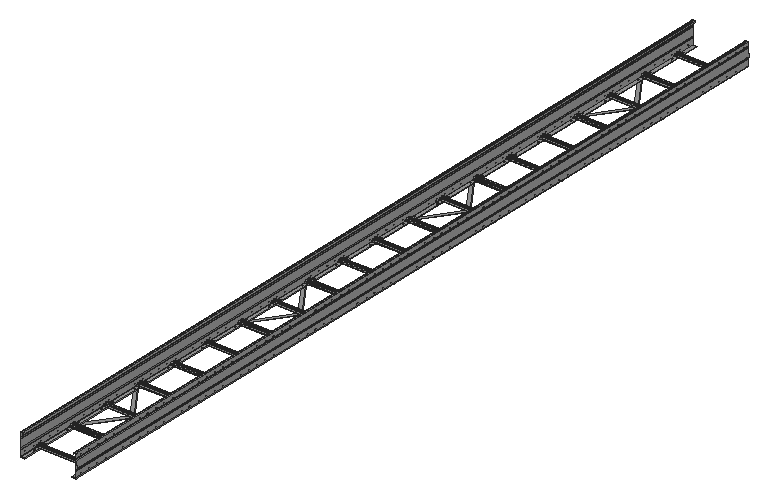
Revit family "WKLG1640", category Generic Models, Revit 2017 (continued)
Forms (mm)
  Extrusion 416, solid, material "Hot-dip galvanised 85 µm" <- "Material"
    sketch origin (0, 1800, 0) x (0, 1, 0) y (0, 0, 1)
      loop
        line (162.751, 18) -> (156.717, 18) -> (156.717, 16.5) -> (162.426, 16.5)
        arc (162.426, 16.5) -> (163.046, 16.284) -> (163.399, 15.73) r 1
        line (163.399, 15.73) -> (166, 4.73)
        arc (166, 4.73) -> (165.811, 3.88) -> (165.027, 3.5) r 1
        line (165.027, 3.5) -> (135.094, 3.5)
        arc (135.094, 3.5) -> (134.308, 3.882) -> (134.122, 4.735) r 1
    from -197.99 to 197.99
  Extrusion 417, void
    sketch origin (0, 1800, 0) x (1, 0, 0) y (0, 1, 0)
      loop
        circle (-187.49, 150) r 2.75
      loop
        circle (-157.49, 150) r 3.5
      loop
        circle (187.49, 150) r 2.75
      loop
        circle (157.49, 150) r 3.5
    from 0 to 3.565
  Extrusion 418, solid, material "Hot-dip galvanised 85 µm" <- "Material"
    sketch origin (0, 2100, 0) x (0, 1, 0) y (0, 0, 1)
      loop
        line (134.122, 4.735) -> (136.783, 15.735)
        arc (136.783, 15.735) -> (137.136, 16.286) -> (137.755, 16.5) r 1
        line (137.755, 16.5) -> (143.468, 16.5) -> (143.468, 18) -> (137.353, 18)
        arc (137.353, 18) -> (135.78, 17.443) -> (134.908, 16.021) r 2.5
        line (134.908, 16.021) -> (132.562, 5.021)
        arc (132.562, 5.021) -> (133.063, 2.927) -> (135.007, 2) r 2.5
        line (135.007, 2) -> (165.097, 2)
        arc (165.097, 2) -> (167.041, 2.927) -> (167.542, 5.021) r 2.5
        line (167.542, 5.021) -> (165.196, 16.021)
        arc (165.196, 16.021) -> (164.324, 17.443) -> (162.751, 18) r 2.5
        line (162.751, 18) -> (156.717, 18) -> (156.717, 16.5) -> (162.426, 16.5)
        arc (162.426, 16.5) -> (163.046, 16.284) -> (163.399, 15.73) r 1
        line (163.399, 15.73) -> (166, 4.73)
        arc (166, 4.73) -> (165.811, 3.88) -> (165.027, 3.5) r 1
        line (165.027, 3.5) -> (135.094, 3.5)
        arc (135.094, 3.5) -> (134.308, 3.882) -> (134.122, 4.735) r 1
    from -197.99 to 197.99
  Extrusion 419, void
    sketch origin (0, 2100, 0) x (1, 0, 0) y (0, 1, 0)
      loop
        circle (-187.49, 150) r 2.75
      loop
        circle (-157.49, 150) r 3.5
      loop
        circle (187.49, 150) r 2.75
      loop
        circle (157.49, 150) r 3.5
    from 0 to 3.565
  Extrusion 420, solid, material "Hot-dip galvanised 85 µm" <- "Material"
    sketch origin (0, 2400, 0) x (0, 1, 0) y (0, 0, 1)
      loop
        line (134.122, 4.735) -> (136.783, 15.735)
        arc (136.783, 15.735) -> (137.136, 16.286) -> (137.755, 16.5) r 1
        line (137.755, 16.5) -> (143.468, 16.5) -> (143.468, 18) -> (137.353, 18)
        arc (137.353, 18) -> (135.78, 17.443) -> (134.908, 16.021) r 2.5
        line (134.908, 16.021) -> (132.562, 5.021)
        arc (132.562, 5.021) -> (133.063, 2.927) -> (135.007, 2) r 2.5
        line (135.007, 2) -> (165.097, 2)
        arc (165.097, 2) -> (167.041, 2.927) -> (167.542, 5.021) r 2.5
        line (167.542, 5.021) -> (165.196, 16.021)
        arc (165.196, 16.021) -> (164.324, 17.443) -> (162.751, 18) r 2.5
        line (162.751, 18) -> (156.717, 18) -> (156.717, 16.5) -> (162.426, 16.5)
        arc (162.426, 16.5) -> (163.046, 16.284) -> (163.399, 15.73) r 1
        line (163.399, 15.73) -> (166, 4.73)
        arc (166, 4.73) -> (165.811, 3.88) -> (165.027, 3.5) r 1
        line (165.027, 3.5) -> (135.094, 3.5)
        arc (135.094, 3.5) -> (134.308, 3.882) -> (134.122, 4.735) r 1
    from -197.99 to 197.99
  Extrusion 421, void
    sketch origin (0, 2400, 0) x (1, 0, 0) y (0, 1, 0)
      loop
        circle (-187.49, 150) r 2.75
      loop
        circle (-157.49, 150) r 3.5
      loop
        circle (187.49, 150) r 2.75
      loop
        circle (157.49, 150) r 3.5
    from 0 to 3.565
  Extrusion 422, solid, material "Hot-dip galvanised 85 µm" <- "Material"
    sketch origin (0, 2700, 0) x (0, 1, 0) y (0, 0, 1)
      loop
        line (134.122, 4.735) -> (136.783, 15.735)
        arc (136.783, 15.735) -> (137.136, 16.286) -> (137.755, 16.5) r 1
        line (137.755, 16.5) -> (143.468, 16.5) -> (143.468, 18) -> (137.353, 18)
        arc (137.353, 18) -> (135.78, 17.443) -> (134.908, 16.021) r 2.5
        line (134.908, 16.021) -> (132.562, 5.021)
        arc (132.562, 5.021) -> (133.063, 2.927) -> (135.007, 2) r 2.5
        line (135.007, 2) -> (165.097, 2)
        arc (165.097, 2) -> (167.041, 2.927) -> (167.542, 5.021) r 2.5
        line (167.542, 5.021) -> (165.196, 16.021)
        arc (165.196, 16.021) -> (164.324, 17.443) -> (162.751, 18) r 2.5
        line (162.751, 18) -> (156.717, 18) -> (156.717, 16.5) -> (162.426, 16.5)
        arc (162.426, 16.5) -> (163.046, 16.284) -> (163.399, 15.73) r 1
        line (163.399, 15.73) -> (166, 4.73)
        arc (166, 4.73) -> (165.811, 3.88) -> (165.027, 3.5) r 1
        line (165.027, 3.5) -> (135.094, 3.5)
        arc (135.094, 3.5) -> (134.308, 3.882) -> (134.122, 4.735) r 1
    from -197.99 to 197.99
  Extrusion 423, void
    sketch origin (0, 2700, 0) x (1, 0, 0) y (0, 1, 0)
      loop
        circle (-187.49, 150) r 2.75
      loop
        circle (-157.49, 150) r 3.5
      loop
        circle (187.49, 150) r 2.75
      loop
        circle (157.49, 150) r 3.5
    from 0 to 3.565
  Extrusion 424, solid, material "Hot-dip galvanised 85 µm" <- "Material"
    sketch origin (0, 3000, 0) x (0, 1, 0) y (0, 0, 1)
      loop
        line (134.122, 4.735) -> (136.783, 15.735)
        arc (136.783, 15.735) -> (137.136, 16.286) -> (137.755, 16.5) r 1
        line (137.755, 16.5) -> (143.468, 16.5) -> (143.468, 18) -> (137.353, 18)
        arc (137.353, 18) -> (135.78, 17.443) -> (134.908, 16.021) r 2.5
        line (134.908, 16.021) -> (132.562, 5.021)
        arc (132.562, 5.021) -> (133.063, 2.927) -> (135.007, 2) r 2.5
        line (135.007, 2) -> (165.097, 2)
        arc (165.097, 2) -> (167.041, 2.927) -> (167.542, 5.021) r 2.5
        line (167.542, 5.021) -> (165.196, 16.021)
        arc (165.196, 16.021) -> (164.324, 17.443) -> (162.751, 18) r 2.5
        line (162.751, 18) -> (156.717, 18) -> (156.717, 16.5) -> (162.426, 16.5)
        arc (162.426, 16.5) -> (163.046, 16.284) -> (163.399, 15.73) r 1
        line (163.399, 15.73) -> (166, 4.73)
        arc (166, 4.73) -> (165.811, 3.88) -> (165.027, 3.5) r 1
        line (165.027, 3.5) -> (135.094, 3.5)
        arc (135.094, 3.5) -> (134.308, 3.882) -> (134.122, 4.735) r 1
    from -197.99 to 197.99
  Extrusion 425, void
    sketch origin (0, 3000, 0) x (1, 0, 0) y (0, 1, 0)
      loop
        circle (-187.49, 150) r 2.75
      loop
        circle (-157.49, 150) r 3.5
      loop
        circle (187.49, 150) r 2.75
      loop
        circle (157.49, 150) r 3.5
    from 0 to 3.565
  Extrusion 426, solid, material "Hot-dip galvanised 85 µm" <- "Material"
    sketch origin (0, 3300, 0) x (0, 1, 0) y (0, 0, 1)
      loop
        line (134.122, 4.735) -> (136.783, 15.735)
        arc (136.783, 15.735) -> (137.136, 16.286) -> (137.755, 16.5) r 1
        line (137.755, 16.5) -> (143.468, 16.5) -> (143.468, 18) -> (137.353, 18)
        arc (137.353, 18) -> (135.78, 17.443) -> (134.908, 16.021) r 2.5
        line (134.908, 16.021) -> (132.562, 5.021)
        arc (132.562, 5.021) -> (133.063, 2.927) -> (135.007, 2) r 2.5
        line (135.007, 2) -> (165.097, 2)
        arc (165.097, 2) -> (167.041, 2.927) -> (167.542, 5.021) r 2.5
        line (167.542, 5.021) -> (165.196, 16.021)
        arc (165.196, 16.021) -> (164.324, 17.443) -> (162.751, 18) r 2.5
        line (162.751, 18) -> (156.717, 18) -> (156.717, 16.5) -> (162.426, 16.5)
        arc (162.426, 16.5) -> (163.046, 16.284) -> (163.399, 15.73) r 1
        line (163.399, 15.73) -> (166, 4.73)
        arc (166, 4.73) -> (165.811, 3.88) -> (165.027, 3.5) r 1
        line (165.027, 3.5) -> (135.094, 3.5)
        arc (135.094, 3.5) -> (134.308, 3.882) -> (134.122, 4.735) r 1
    from -197.99 to 197.99
  Extrusion 427, void
    sketch origin (0, 3300, 0) x (1, 0, 0) y (0, 1, 0)
      loop
        circle (-187.49, 150) r 2.75
      loop
        circle (-157.49, 150) r 3.5
      loop
        circle (187.49, 150) r 2.75
      loop
        circle (157.49, 150) r 3.5
    from 0 to 3.565
  Extrusion 428, solid, material "Hot-dip galvanised 85 µm" <- "Material"
    sketch origin (0, 3600, 0) x (0, 1, 0) y (0, 0, 1)
      loop
        line (134.122, 4.735) -> (136.783, 15.735)
        arc (136.783, 15.735) -> (137.136, 16.286) -> (137.755, 16.5) r 1
        line (137.755, 16.5) -> (143.468, 16.5) -> (143.468, 18) -> (137.353, 18)
        arc (137.353, 18) -> (135.78, 17.443) -> (134.908, 16.021) r 2.5
        line (134.908, 16.021) -> (132.562, 5.021)
        arc (132.562, 5.021) -> (133.063, 2.927) -> (135.007, 2) r 2.5
        line (135.007, 2) -> (165.097, 2)
        arc (165.097, 2) -> (167.041, 2.927) -> (167.542, 5.021) r 2.5
        line (167.542, 5.021) -> (165.196, 16.021)
        arc (165.196, 16.021) -> (164.324, 17.443) -> (162.751, 18) r 2.5
        line (162.751, 18) -> (156.717, 18) -> (156.717, 16.5) -> (162.426, 16.5)
        arc (162.426, 16.5) -> (163.046, 16.284) -> (163.399, 15.73) r 1
        line (163.399, 15.73) -> (166, 4.73)
        arc (166, 4.73) -> (165.811, 3.88) -> (165.027, 3.5) r 1
        line (165.027, 3.5) -> (135.094, 3.5)
        arc (135.094, 3.5) -> (134.308, 3.882) -> (134.122, 4.735) r 1
    from -197.99 to 197.99
  Extrusion 429, void
    sketch origin (0, 3600, 0) x (1, 0, 0) y (0, 1, 0)
      loop
        circle (-187.49, 150) r 2.75
      loop
        circle (-157.49, 150) r 3.5
      loop
        circle (187.49, 150) r 2.75
      loop
        circle (157.49, 150) r 3.5
    from 0 to 3.565
  Extrusion 430, solid, material "Hot-dip galvanised 85 µm" <- "Material"
    sketch origin (0, 3900, 0) x (0, 1, 0) y (0, 0, 1)
      loop
        line (134.122, 4.735) -> (136.783, 15.735)
        arc (136.783, 15.735) -> (137.136, 16.286) -> (137.755, 16.5) r 1
        line (137.755, 16.5) -> (143.468, 16.5) -> (143.468, 18) -> (137.353, 18)
        arc (137.353, 18) -> (135.78, 17.443) -> (134.908, 16.021) r 2.5
        line (134.908, 16.021) -> (132.562, 5.021)
        arc (132.562, 5.021) -> (133.063, 2.927) -> (135.007, 2) r 2.5
        line (135.007, 2) -> (165.097, 2)
        arc (165.097, 2) -> (167.041, 2.927) -> (167.542, 5.021) r 2.5
        line (167.542, 5.021) -> (165.196, 16.021)
        arc (165.196, 16.021) -> (164.324, 17.443) -> (162.751, 18) r 2.5
        line (162.751, 18) -> (156.717, 18) -> (156.717, 16.5) -> (162.426, 16.5)
        arc (162.426, 16.5) -> (163.046, 16.284) -> (163.399, 15.73) r 1
        line (163.399, 15.73) -> (166, 4.73)
        arc (166, 4.73) -> (165.811, 3.88) -> (165.027, 3.5) r 1
        line (165.027, 3.5) -> (135.094, 3.5)
        arc (135.094, 3.5) -> (134.308, 3.882) -> (134.122, 4.735) r 1
    from -197.99 to 197.99
  Extrusion 431, void
    sketch origin (0, 3900, 0) x (1, 0, 0) y (0, 1, 0)
      loop
        circle (-187.49, 150) r 2.75
      loop
        circle (-157.49, 150) r 3.5
      loop
        circle (187.49, 150) r 2.75
      loop
        circle (157.49, 150) r 3.5
    from 0 to 3.565
  Extrusion 432, solid, material "Hot-dip galvanised 85 µm" <- "Material"
    sketch origin (0, 4200, 0) x (0, 1, 0) y (0, 0, 1)
      loop
        line (134.122, 4.735) -> (136.783, 15.735)
        arc (136.783, 15.735) -> (137.136, 16.286) -> (137.755, 16.5) r 1
        line (137.755, 16.5) -> (143.468, 16.5) -> (143.468, 18) -> (137.353, 18)
        arc (137.353, 18) -> (135.78, 17.443) -> (134.908, 16.021) r 2.5
        line (134.908, 16.021) -> (132.562, 5.021)
        arc (132.562, 5.021) -> (133.063, 2.927) -> (135.007, 2) r 2.5
        line (135.007, 2) -> (165.097, 2)
        arc (165.097, 2) -> (167.041, 2.927) -> (167.542, 5.021) r 2.5
        line (167.542, 5.021) -> (165.196, 16.021)
        arc (165.196, 16.021) -> (164.324, 17.443) -> (162.751, 18) r 2.5
        line (162.751, 18) -> (156.717, 18) -> (156.717, 16.5) -> (162.426, 16.5)
        arc (162.426, 16.5) -> (163.046, 16.284) -> (163.399, 15.73) r 1
        line (163.399, 15.73) -> (166, 4.73)
        arc (166, 4.73) -> (165.811, 3.88) -> (165.027, 3.5) r 1
        line (165.027, 3.5) -> (135.094, 3.5)
        arc (135.094, 3.5) -> (134.308, 3.882) -> (134.122, 4.735) r 1
    from -197.99 to 197.99
  Extrusion 433, void
    sketch origin (0, 4200, 0) x (1, 0, 0) y (0, 1, 0)
      loop
        circle (-187.49, 150) r 2.75
      loop
        circle (-157.49, 150) r 3.5
      loop
        circle (187.49, 150) r 2.75
      loop
        circle (157.49, 150) r 3.5
    from 0 to 3.565
  Extrusion 434, solid, material "Hot-dip galvanised 85 µm" <- "Material"
    sketch origin (0, 4500, 0) x (0, 1, 0) y (0, 0, 1)
      loop
        line (134.122, 4.735) -> (136.783, 15.735)
        arc (136.783, 15.735) -> (137.136, 16.286) -> (137.755, 16.5) r 1
        line (137.755, 16.5) -> (143.468, 16.5) -> (143.468, 18) -> (137.353, 18)
        arc (137.353, 18) -> (135.78, 17.443) -> (134.908, 16.021) r 2.5
        line (134.908, 16.021) -> (132.562, 5.021)
        arc (132.562, 5.021) -> (133.063, 2.927) -> (135.007, 2) r 2.5
        line (135.007, 2) -> (165.097, 2)
        arc (165.097, 2) -> (167.041, 2.927) -> (167.542, 5.021) r 2.5
        line (167.542, 5.021) -> (165.196, 16.021)
        arc (165.196, 16.021) -> (164.324, 17.443) -> (162.751, 18) r 2.5
        line (162.751, 18) -> (156.717, 18) -> (156.717, 16.5) -> (162.426, 16.5)
        arc (162.426, 16.5) -> (163.046, 16.284) -> (163.399, 15.73) r 1
        line (163.399, 15.73) -> (166, 4.73)
        arc (166, 4.73) -> (165.811, 3.88) -> (165.027, 3.5) r 1
        line (165.027, 3.5) -> (135.094, 3.5)
        arc (135.094, 3.5) -> (134.308, 3.882) -> (134.122, 4.735) r 1
    from -197.99 to 197.99
  Extrusion 435, void
    sketch origin (0, 4500, 0) x (1, 0, 0) y (0, 1, 0)
      loop
        circle (-187.49, 150) r 2.75
      loop
        circle (-157.49, 150) r 3.5
      loop
        circle (187.49, 150) r 2.75
      loop
        circle (157.49, 150) r 3.5
    from 0 to 3.565
  Extrusion 436, solid, material "Hot-dip galvanised 85 µm" <- "Material"
    sketch origin (0, 4800, 0) x (0, 1, 0) y (0, 0, 1)
      loop
        line (134.122, 4.735) -> (136.783, 15.735)
        arc (136.783, 15.735) -> (137.136, 16.286) -> (137.755, 16.5) r 1
        line (137.755, 16.5) -> (143.468, 16.5) -> (143.468, 18) -> (137.353, 18)
        arc (137.353, 18) -> (135.78, 17.443) -> (134.908, 16.021) r 2.5
        line (134.908, 16.021) -> (132.562, 5.021)
        arc (132.562, 5.021) -> (133.063, 2.927) -> (135.007, 2) r 2.5
        line (135.007, 2) -> (165.097, 2)
        arc (165.097, 2) -> (167.041, 2.927) -> (167.542, 5.021) r 2.5
        line (167.542, 5.021) -> (165.196, 16.021)
        arc (165.196, 16.021) -> (164.324, 17.443) -> (162.751, 18) r 2.5
        line (162.751, 18) -> (156.717, 18) -> (156.717, 16.5) -> (162.426, 16.5)
        arc (162.426, 16.5) -> (163.046, 16.284) -> (163.399, 15.73) r 1
        line (163.399, 15.73) -> (166, 4.73)
        arc (166, 4.73) -> (165.811, 3.88) -> (165.027, 3.5) r 1
        line (165.027, 3.5) -> (135.094, 3.5)
        arc (135.094, 3.5) -> (134.308, 3.882) -> (134.122, 4.735) r 1
    from -197.99 to 197.99
  Extrusion 437, void
    sketch origin (0, 4800, 0) x (1, 0, 0) y (0, 1, 0)
      loop
        circle (-187.49, 150) r 2.75
      loop
        circle (-157.49, 150) r 3.5
      loop
        circle (187.49, 150) r 2.75
      loop
        circle (157.49, 150) r 3.5
    from 0 to 3.565
  Extrusion 438, solid, material "Hot-dip galvanised 85 µm" <- "Material"
    sketch origin (0, 5100, 0) x (0, 1, 0) y (0, 0, 1)
      loop
        line (134.122, 4.735) -> (136.783, 15.735)
        arc (136.783, 15.735) -> (137.136, 16.286) -> (137.755, 16.5) r 1
        line (137.755, 16.5) -> (143.468, 16.5) -> (143.468, 18) -> (137.353, 18)
        arc (137.353, 18) -> (135.78, 17.443) -> (134.908, 16.021) r 2.5
        line (134.908, 16.021) -> (132.562, 5.021)
        arc (132.562, 5.021) -> (133.063, 2.927) -> (135.007, 2) r 2.5
        line (135.007, 2) -> (165.097, 2)
        arc (165.097, 2) -> (167.041, 2.927) -> (167.542, 5.021) r 2.5
        line (167.542, 5.021) -> (165.196, 16.021)
        arc (165.196, 16.021) -> (164.324, 17.443) -> (162.751, 18) r 2.5
        line (162.751, 18) -> (156.717, 18) -> (156.717, 16.5) -> (162.426, 16.5)
        arc (162.426, 16.5) -> (163.046, 16.284) -> (163.399, 15.73) r 1
        line (163.399, 15.73) -> (166, 4.73)
        arc (166, 4.73) -> (165.811, 3.88) -> (165.027, 3.5) r 1
        line (165.027, 3.5) -> (135.094, 3.5)
        arc (135.094, 3.5) -> (134.308, 3.882) -> (134.122, 4.735) r 1
    from -197.99 to 197.99
  Extrusion 439, void
    sketch origin (0, 5100, 0) x (1, 0, 0) y (0, 1, 0)
      loop
        circle (-187.49, 150) r 2.75
      loop
        circle (-157.49, 150) r 3.5
      loop
        circle (187.49, 150) r 2.75
      loop
        circle (157.49, 150) r 3.5
    from 0 to 3.565
  Extrusion 440, solid, material "Hot-dip galvanised 85 µm" <- "Material"
    sketch origin (0, 5400, 0) x (0, 1, 0) y (0, 0, 1)
      loop
        line (134.122, 4.735) -> (136.783, 15.735)
        arc (136.783, 15.735) -> (137.136, 16.286) -> (137.755, 16.5) r 1
        line (137.755, 16.5) -> (143.468, 16.5) -> (143.468, 18) -> (137.353, 18)
        arc (137.353, 18) -> (135.78, 17.443) -> (134.908, 16.021) r 2.5
        line (134.908, 16.021) -> (132.562, 5.021)
        arc (132.562, 5.021) -> (133.063, 2.927) -> (135.007, 2) r 2.5
        line (135.007, 2) -> (165.097, 2)
        arc (165.097, 2) -> (167.041, 2.927) -> (167.542, 5.021) r 2.5
        line (167.542, 5.021) -> (165.196, 16.021)
        arc (165.196, 16.021) -> (164.324, 17.443) -> (162.751, 18) r 2.5
        line (162.751, 18) -> (156.717, 18) -> (156.717, 16.5) -> (162.426, 16.5)
        arc (162.426, 16.5) -> (163.046, 16.284) -> (163.399, 15.73) r 1
        line (163.399, 15.73) -> (166, 4.73)
        arc (166, 4.73) -> (165.811, 3.88) -> (165.027, 3.5) r 1
        line (165.027, 3.5) -> (135.094, 3.5)
        arc (135.094, 3.5) -> (134.308, 3.882) -> (134.122, 4.735) r 1
    from -197.99 to 197.99
  Extrusion 441, void
    sketch origin (0, 5400, 0) x (1, 0, 0) y (0, 1, 0)
      loop
        circle (-187.49, 150) r 2.75
      loop
        circle (-157.49, 150) r 3.5
      loop
        circle (187.49, 150) r 2.75
      loop
        circle (157.49, 150) r 3.5
    from 0 to 3.565
  Extrusion 442, solid, material "Hot-dip galvanised 85 µm" <- "Material"
    sketch origin (0, 5700, 0) x (0, 1, 0) y (0, 0, 1)
      loop
        line (134.122, 4.735) -> (136.783, 15.735)
        arc (136.783, 15.735) -> (137.136, 16.286) -> (137.755, 16.5) r 1
        line (137.755, 16.5) -> (143.468, 16.5) -> (143.468, 18) -> (137.353, 18)
        arc (137.353, 18) -> (135.78, 17.443) -> (134.908, 16.021) r 2.5
        line (134.908, 16.021) -> (132.562, 5.021)
        arc (132.562, 5.021) -> (133.063, 2.927) -> (135.007, 2) r 2.5
        line (135.007, 2) -> (165.097, 2)
        arc (165.097, 2) -> (167.041, 2.927) -> (167.542, 5.021) r 2.5
        line (167.542, 5.021) -> (165.196, 16.021)
        arc (165.196, 16.021) -> (164.324, 17.443) -> (162.751, 18) r 2.5
        line (162.751, 18) -> (156.717, 18) -> (156.717, 16.5) -> (162.426, 16.5)
        arc (162.426, 16.5) -> (163.046, 16.284) -> (163.399, 15.73) r 1
        line (163.399, 15.73) -> (166, 4.73)
        arc (166, 4.73) -> (165.811, 3.88) -> (165.027, 3.5) r 1
        line (165.027, 3.5) -> (135.094, 3.5)
        arc (135.094, 3.5) -> (134.308, 3.882) -> (134.122, 4.735) r 1
    from -197.99 to 197.99
  Extrusion 443, void
    sketch origin (0, 5700, 0) x (1, 0, 0) y (0, 1, 0)
      loop
        circle (-187.49, 150) r 2.75
      loop
        circle (-157.49, 150) r 3.5
      loop
        circle (187.49, 150) r 2.75
      loop
        circle (157.49, 150) r 3.5
    from 0 to 3.565
  Extrusion 444, solid, material "Hot-dip galvanised 85 µm" <- "Material"
    sketch origin (0, 0, 0) x (1, 0, 0) y (0, 1, 0)
      loop
        line (-169.357, 483.326) -> (190.42, 997.141) -> (169.941, 1011.48) -> (-187.308, 501.276) -> (-169.357, 483.326)
    from -4.183 to -2.183
  Extrusion 445, solid, material "Hot-dip galvanised 85 µm" <- "Material"
    sketch origin (0, 0, 0) x (1, 0, 0) y (0, 1, 0)
      loop
        line (187.648, 500.927) -> (-170.837, 1012.897) -> (-191.316, 998.558) -> (169.698, 482.977) -> (187.648, 500.927)
    from -4.183 to -2.183
  Extrusion 446, solid, material "Hot-dip galvanised 85 µm" <- "Material"
    sketch origin (0, 1500, 0) x (1, 0, 0) y (0, 1, 0)
      loop
        line (-169.357, 483.326) -> (190.42, 997.141) -> (169.941, 1011.48) -> (-187.308, 501.276) -> (-169.357, 483.326)
    from -4.183 to -2.183
  Extrusion 447, solid, material "Hot-dip galvanised 85 µm" <- "Material"
    sketch origin (0, 3000, 0) x (1, 0, 0) y (0, 1, 0)
      loop
        line (-169.357, 483.326) -> (190.42, 997.141) -> (169.941, 1011.48) -> (-187.308, 501.276) -> (-169.357, 483.326)
    from -4.183 to -2.183
  Extrusion 448, solid, material "Hot-dip galvanised 85 µm" <- "Material"
    sketch origin (0, 4500, 0) x (1, 0, 0) y (0, 1, 0)
      loop
        line (-169.357, 483.326) -> (190.42, 997.141) -> (169.941, 1011.48) -> (-187.308, 501.276) -> (-169.357, 483.326)
    from -4.183 to -2.183
  Extrusion 449, solid, material "Hot-dip galvanised 85 µm" <- "Material"
    sketch origin (0, 1500, 0) x (1, 0, 0) y (0, 1, 0)
      loop
        line (187.648, 500.927) -> (-170.837, 1012.897) -> (-191.316, 998.558) -> (169.698, 482.977) -> (187.648, 500.927)
    from -4.183 to -2.183
  Extrusion 450, solid, material "Hot-dip galvanised 85 µm" <- "Material"
    sketch origin (0, 3000, 0) x (1, 0, 0) y (0, 1, 0)
      loop
        line (187.648, 500.927) -> (-170.837, 1012.897) -> (-191.316, 998.558) -> (169.698, 482.977) -> (187.648, 500.927)
    from -4.183 to -2.183
  Extrusion 451, solid, material "Hot-dip galvanised 85 µm" <- "Material"
    sketch origin (0, 4500, 0) x (1, 0, 0) y (0, 1, 0)
      loop
        line (187.648, 500.927) -> (-170.837, 1012.897) -> (-191.316, 998.558) -> (169.698, 482.977) -> (187.648, 500.927)
    from -4.183 to -2.183
Cuts and joins
  Extrusion 3, Extrusion 4, Extrusion 5, Extrusion 6, Extrusion 7, Extrusion 8, Extrusion 9, Extrusion 10, Extrusion 11, Extrusion 12, Extrusion 13, Extrusion 14, Extrusion 15, Extrusion 16, Extrusion 17, Extrusion 18, Extrusion 19, Extrusion 20, Extrusion 21, Extrusion 22, Extrusion 23, Extrusion 24, Extrusion 25, Extrusion 26, Extrusion 27, Extrusion 28, Extrusion 29, Extrusion 30, Extrusion 31, Extrusion 32, Extrusion 33, Extrusion 34, Extrusion 35, Extrusion 36, Extrusion 37, Extrusion 38, Extrusion 39, Extrusion 40, Extrusion 41, Extrusion 42, Extrusion 43, Extrusion 44, Extrusion 45, Extrusion 46, Extrusion 47, Extrusion 48, Extrusion 49, Extrusion 50, Extrusion 51, Extrusion 52, Extrusion 53, Extrusion 54, Extrusion 55, Extrusion 56, Extrusion 57, Extrusion 58, Extrusion 59, Extrusion 60, Extrusion 61, Extrusion 62, Extrusion 63, Extrusion 64, Extrusion 65, Extrusion 66, Extrusion 67, Extrusion 68, Extrusion 69, Extrusion 70, Extrusion 71, Extrusion 72, Extrusion 73, Extrusion 74, Extrusion 75, Extrusion 76, Extrusion 77, Extrusion 78, Extrusion 79, Extrusion 80, Extrusion 81, Extrusion 82, Extrusion 83, Extrusion 84, Extrusion 85, Extrusion 86, Extrusion 87, Extrusion 88, Extrusion 89, Extrusion 90, Extrusion 91, Extrusion 92, Extrusion 93, Extrusion 94, Extrusion 95, Extrusion 96, Extrusion 97, Extrusion 98, Extrusion 99, Extrusion 100, Extrusion 101, Extrusion 102, Extrusion 103, Extrusion 104, Extrusion 105, Extrusion 106, Extrusion 107, Extrusion 108, Extrusion 109, Extrusion 110, Extrusion 111, Extrusion 112, Extrusion 113, Extrusion 114, Extrusion 115, Extrusion 116, Extrusion 117, Extrusion 118, Extrusion 119, Extrusion 120, Extrusion 121, Extrusion 122, Extrusion 123, Extrusion 124, Extrusion 125, Extrusion 126, Extrusion 127, Extrusion 128, Extrusion 129, Extrusion 130, Extrusion 131, Extrusion 132, Extrusion 133, Extrusion 134, Extrusion 135, Extrusion 136, Extrusion 137, Extrusion 138, Extrusion 139, Extrusion 140, Extrusion 141, Extrusion 142, Extrusion 143, Extrusion 144, Extrusion 145, Extrusion 146, Extrusion 147, Extrusion 148, Extrusion 149, Extrusion 150, Extrusion 151, Extrusion 152, Extrusion 153, Extrusion 154, Extrusion 155, Extrusion 156, Extrusion 157, Extrusion 158, Extrusion 159, Extrusion 160, Extrusion 161, Extrusion 162, Extrusion 163, Extrusion 364, Extrusion 365, Extrusion 366, Extrusion 367, Extrusion 368, Extrusion 369, Extrusion 370, Extrusion 371, Extrusion 372, Extrusion 373, Extrusion 374, Extrusion 375, Extrusion 376, Extrusion 377, Extrusion 378, Extrusion 379, Extrusion 380, Extrusion 381, Extrusion 382, Extrusion 383, Extrusion 384, Extrusion 385, Extrusion 386, Extrusion 387, Extrusion 388, Extrusion 389, Extrusion 390, Extrusion 391, Extrusion 392, Extrusion 393, Extrusion 394, Extrusion 395, Extrusion 396, Extrusion 397, Extrusion 398, Extrusion 399, Extrusion 400, Extrusion 401, Extrusion 402, Extrusion 403, Extrusion 404, Extrusion 407, Extrusion 409, Extrusion 411, Extrusion 413, Extrusion 415, Extrusion 417, Extrusion 419, Extrusion 421, Extrusion 423, Extrusion 425, Extrusion 427, Extrusion 429, Extrusion 431, Extrusion 433, Extrusion 435, Extrusion 437, Extrusion 439, Extrusion 441, Extrusion 443 cuts Extrusion 1
  Extrusion 163, Extrusion 164, Extrusion 165, Extrusion 166, Extrusion 167, Extrusion 168, Extrusion 169, Extrusion 170, Extrusion 171, Extrusion 172, Extrusion 173, Extrusion 174, Extrusion 175, Extrusion 176, Extrusion 177, Extrusion 178, Extrusion 179, Extrusion 180, Extrusion 181, Extrusion 182, Extrusion 183, Extrusion 184, Extrusion 185, Extrusion 186, Extrusion 187, Extrusion 188, Extrusion 189, Extrusion 190, Extrusion 191, Extrusion 192, Extrusion 193, Extrusion 194, Extrusion 195, Extrusion 196, Extrusion 197, Extrusion 198, Extrusion 199, Extrusion 200, Extrusion 201, Extrusion 202, Extrusion 203, Extrusion 204, Extrusion 205, Extrusion 206, Extrusion 207, Extrusion 208, Extrusion 209, Extrusion 210, Extrusion 211, Extrusion 212, Extrusion 213, Extrusion 214, Extrusion 215, Extrusion 216, Extrusion 217, Extrusion 218, Extrusion 219, Extrusion 220, Extrusion 221, Extrusion 222, Extrusion 223, Extrusion 224, Extrusion 225, Extrusion 226, Extrusion 227, Extrusion 228, Extrusion 229, Extrusion 230, Extrusion 231, Extrusion 232, Extrusion 233, Extrusion 234, Extrusion 235, Extrusion 236, Extrusion 237, Extrusion 238, Extrusion 239, Extrusion 240, Extrusion 241, Extrusion 242, Extrusion 243, Extrusion 244, Extrusion 245, Extrusion 246, Extrusion 247, Extrusion 248, Extrusion 249, Extrusion 250, Extrusion 251, Extrusion 252, Extrusion 253, Extrusion 254, Extrusion 255, Extrusion 256, Extrusion 257, Extrusion 258, Extrusion 259, Extrusion 260, Extrusion 261, Extrusion 262, Extrusion 263, Extrusion 264, Extrusion 265, Extrusion 266, Extrusion 267, Extrusion 268, Extrusion 269, Extrusion 270, Extrusion 271, Extrusion 272, Extrusion 273, Extrusion 274, Extrusion 275, Extrusion 276, Extrusion 277, Extrusion 278, Extrusion 279, Extrusion 280, Extrusion 281, Extrusion 282, Extrusion 283, Extrusion 284, Extrusion 285, Extrusion 286, Extrusion 287, Extrusion 288, Extrusion 289, Extrusion 290, Extrusion 291, Extrusion 292, Extrusion 293, Extrusion 294, Extrusion 295, Extrusion 296, Extrusion 297, Extrusion 298, Extrusion 299, Extrusion 300, Extrusion 301, Extrusion 302, Extrusion 303, Extrusion 304, Extrusion 305, Extrusion 306, Extrusion 307, Extrusion 308, Extrusion 309, Extrusion 310, Extrusion 311, Extrusion 312, Extrusion 313, Extrusion 314, Extrusion 315, Extrusion 316, Extrusion 317, Extrusion 318, Extrusion 319, Extrusion 320, Extrusion 321, Extrusion 322, Extrusion 324, Extrusion 325, Extrusion 326, Extrusion 327, Extrusion 328, Extrusion 329, Extrusion 330, Extrusion 331, Extrusion 332, Extrusion 333, Extrusion 334, Extrusion 335, Extrusion 336, Extrusion 337, Extrusion 338, Extrusion 339, Extrusion 340, Extrusion 341, Extrusion 342, Extrusion 343, Extrusion 344, Extrusion 345, Extrusion 346, Extrusion 347, Extrusion 348, Extrusion 349, Extrusion 350, Extrusion 351, Extrusion 352, Extrusion 353, Extrusion 354, Extrusion 355, Extrusion 356, Extrusion 357, Extrusion 358, Extrusion 359, Extrusion 360, Extrusion 361, Extrusion 362, Extrusion 363, Extrusion 404, Extrusion 407, Extrusion 409, Extrusion 411, Extrusion 413, Extrusion 415, Extrusion 417, Extrusion 419, Extrusion 421, Extrusion 423, Extrusion 425, Extrusion 427, Extrusion 429, Extrusion 431, Extrusion 433, Extrusion 435, Extrusion 437, Extrusion 439, Extrusion 441, Extrusion 443 cuts Extrusion 2
  Extrusion 404, Extrusion 407 cuts Extrusion 323
  Extrusion 407 cuts Extrusion 406
  Extrusion 409 cuts Extrusion 408
  Extrusion 411 cuts Extrusion 410
  Extrusion 413 cuts Extrusion 412
  Extrusion 415 cuts Extrusion 414
  Extrusion 417 cuts Extrusion 416
  Extrusion 419 cuts Extrusion 418
  Extrusion 421 cuts Extrusion 420
  Extrusion 423 cuts Extrusion 422
  Extrusion 425 cuts Extrusion 424
  Extrusion 427 cuts Extrusion 426
  Extrusion 429 cuts Extrusion 428
  Extrusion 431 cuts Extrusion 430
  Extrusion 433 cuts Extrusion 432
  Extrusion 435 cuts Extrusion 434
  Extrusion 437 cuts Extrusion 436
  Extrusion 439 cuts Extrusion 438
  Extrusion 441 cuts Extrusion 440
  Extrusion 443 cuts Extrusion 442
Dimensions and locks
  plane 4 to plane 3 "Center (Left/Right)" = 199.684 mm
  locked: plane 5 to plane 6 at 70
  locked: plane 6 to level at 52
  "Width/2": Extrusion 1 to plane 3 "Center (Left/Right)"
  locked: Extrusion 1 to Extrusion 1 at 2  (x8)
  locked: Extrusion 1 to Extrusion 1 at 1.999
  locked: plane 10 to plane 11 at 70
  locked: Extrusion 2 to Extrusion 2 at 2  (x8)
  locked: Extrusion 2 to Extrusion 2 at 1.999
  "Width": Extrusion 2 to Extrusion 1
  plane 3 "Center (Left/Right)" to Extrusion 2 = 200 mm
  "Length": Extrusion 2 to Extrusion 2
  "Length": Extrusion 1 to Extrusion 1
  locked: Extrusion 1 to plane 14 at 20
  locked: Extrusion 1 to plane 15 at 37.5
  locked: Extrusion 3 sketch curve to Extrusion 3 sketch curve at 9
  locked: Extrusion 3 sketch curve to Extrusion 3 sketch curve at 25
  locked: Extrusion 4 sketch curve to Extrusion 4 sketch curve at 9
  locked: Extrusion 4 sketch curve to Extrusion 4 sketch curve at 25
  locked: Extrusion 5 sketch curve to Extrusion 5 sketch curve at 9
  locked: Extrusion 5 sketch curve to Extrusion 5 sketch curve at 25
  locked: Extrusion 6 sketch curve to Extrusion 6 sketch curve at 9
  locked: Extrusion 6 sketch curve to Extrusion 6 sketch curve at 25
  locked: Extrusion 7 sketch curve to Extrusion 7 sketch curve at 9
  locked: Extrusion 7 sketch curve to Extrusion 7 sketch curve at 25
  locked: Extrusion 8 sketch curve to Extrusion 8 sketch curve at 9
  locked: Extrusion 8 sketch curve to Extrusion 8 sketch curve at 25
  locked: Extrusion 9 sketch curve to Extrusion 9 sketch curve at 9
  locked: Extrusion 9 sketch curve to Extrusion 9 sketch curve at 25
  locked: Extrusion 10 sketch curve to Extrusion 10 sketch curve at 9
  locked: Extrusion 10 sketch curve to Extrusion 10 sketch curve at 25
  locked: Extrusion 11 sketch curve to Extrusion 11 sketch curve at 9
  locked: Extrusion 11 sketch curve to Extrusion 11 sketch curve at 25
  locked: Extrusion 12 sketch curve to Extrusion 12 sketch curve at 9
  locked: Extrusion 12 sketch curve to Extrusion 12 sketch curve at 25
  locked: Extrusion 13 sketch curve to Extrusion 13 sketch curve at 9
  locked: Extrusion 13 sketch curve to Extrusion 13 sketch curve at 25
  locked: Extrusion 14 sketch curve to Extrusion 14 sketch curve at 9
  locked: Extrusion 14 sketch curve to Extrusion 14 sketch curve at 25
  locked: Extrusion 15 sketch curve to Extrusion 15 sketch curve at 9
  locked: Extrusion 15 sketch curve to Extrusion 15 sketch curve at 25
  locked: Extrusion 16 sketch curve to Extrusion 16 sketch curve at 9
  locked: Extrusion 16 sketch curve to Extrusion 16 sketch curve at 25
  locked: Extrusion 17 sketch curve to Extrusion 17 sketch curve at 9
  locked: Extrusion 17 sketch curve to Extrusion 17 sketch curve at 25
  locked: Extrusion 18 sketch curve to Extrusion 18 sketch curve at 9
  locked: Extrusion 18 sketch curve to Extrusion 18 sketch curve at 25
  locked: Extrusion 19 sketch curve to Extrusion 19 sketch curve at 9
  locked: Extrusion 19 sketch curve to Extrusion 19 sketch curve at 25
  locked: Extrusion 20 sketch curve to Extrusion 20 sketch curve at 9
  locked: Extrusion 20 sketch curve to Extrusion 20 sketch curve at 25
  locked: Extrusion 21 sketch curve to Extrusion 21 sketch curve at 9
  locked: Extrusion 21 sketch curve to Extrusion 21 sketch curve at 25
  locked: Extrusion 22 sketch curve to Extrusion 22 sketch curve at 9
  locked: Extrusion 22 sketch curve to Extrusion 22 sketch curve at 25
  locked: Extrusion 23 sketch curve to Extrusion 23 sketch curve at 9
  locked: Extrusion 23 sketch curve to Extrusion 23 sketch curve at 25
  locked: Extrusion 24 sketch curve to Extrusion 24 sketch curve at 9
  locked: Extrusion 24 sketch curve to Extrusion 24 sketch curve at 25
  locked: Extrusion 25 sketch curve to Extrusion 25 sketch curve at 9
  locked: Extrusion 25 sketch curve to Extrusion 25 sketch curve at 25
  locked: Extrusion 26 sketch curve to Extrusion 26 sketch curve at 9
  locked: Extrusion 26 sketch curve to Extrusion 26 sketch curve at 25
  locked: Extrusion 27 sketch curve to Extrusion 27 sketch curve at 9
  locked: Extrusion 27 sketch curve to Extrusion 27 sketch curve at 25
  locked: Extrusion 28 sketch curve to Extrusion 28 sketch curve at 9
  locked: Extrusion 28 sketch curve to Extrusion 28 sketch curve at 25
  locked: Extrusion 29 sketch curve to Extrusion 29 sketch curve at 9
  locked: Extrusion 29 sketch curve to Extrusion 29 sketch curve at 25
  locked: Extrusion 30 sketch curve to Extrusion 30 sketch curve at 9
  locked: Extrusion 30 sketch curve to Extrusion 30 sketch curve at 25
  locked: Extrusion 31 sketch curve to Extrusion 31 sketch curve at 9
  locked: Extrusion 31 sketch curve to Extrusion 31 sketch curve at 25
  locked: Extrusion 32 sketch curve to Extrusion 32 sketch curve at 9
  locked: Extrusion 32 sketch curve to Extrusion 32 sketch curve at 25
  locked: Extrusion 33 sketch curve to Extrusion 33 sketch curve at 9
  locked: Extrusion 33 sketch curve to Extrusion 33 sketch curve at 25
  locked: Extrusion 34 sketch curve to Extrusion 34 sketch curve at 9
  locked: Extrusion 34 sketch curve to Extrusion 34 sketch curve at 25
  locked: Extrusion 35 sketch curve to Extrusion 35 sketch curve at 9
  locked: Extrusion 35 sketch curve to Extrusion 35 sketch curve at 25
  locked: Extrusion 36 sketch curve to Extrusion 36 sketch curve at 9
  locked: Extrusion 36 sketch curve to Extrusion 36 sketch curve at 25
  locked: Extrusion 37 sketch curve to Extrusion 37 sketch curve at 9
  locked: Extrusion 37 sketch curve to Extrusion 37 sketch curve at 25
  locked: Extrusion 38 sketch curve to Extrusion 38 sketch curve at 9
  locked: Extrusion 38 sketch curve to Extrusion 38 sketch curve at 25
  locked: Extrusion 39 sketch curve to Extrusion 39 sketch curve at 9
  locked: Extrusion 39 sketch curve to Extrusion 39 sketch curve at 25
  locked: Extrusion 40 sketch curve to Extrusion 40 sketch curve at 9
  locked: Extrusion 40 sketch curve to Extrusion 40 sketch curve at 25
  locked: Extrusion 41 sketch curve to Extrusion 41 sketch curve at 9
  locked: Extrusion 41 sketch curve to Extrusion 41 sketch curve at 25
  locked: Extrusion 42 sketch curve to Extrusion 42 sketch curve at 9
  locked: Extrusion 42 sketch curve to Extrusion 42 sketch curve at 25
  locked: Extrusion 43 sketch curve to Extrusion 43 sketch curve at 9
  locked: Extrusion 43 sketch curve to Extrusion 43 sketch curve at 25
  locked: Extrusion 44 sketch curve to Extrusion 44 sketch curve at 9
  locked: Extrusion 44 sketch curve to Extrusion 44 sketch curve at 25
  locked: Extrusion 45 sketch curve to Extrusion 45 sketch curve at 9
  locked: Extrusion 45 sketch curve to Extrusion 45 sketch curve at 25
  locked: Extrusion 46 sketch curve to Extrusion 46 sketch curve at 9
  locked: Extrusion 46 sketch curve to Extrusion 46 sketch curve at 25
  locked: Extrusion 47 sketch curve to Extrusion 47 sketch curve at 9
  locked: Extrusion 47 sketch curve to Extrusion 47 sketch curve at 25
  locked: Extrusion 48 sketch curve to Extrusion 48 sketch curve at 9
  locked: Extrusion 48 sketch curve to Extrusion 48 sketch curve at 25
  locked: Extrusion 49 sketch curve to Extrusion 49 sketch curve at 9
  locked: Extrusion 49 sketch curve to Extrusion 49 sketch curve at 25
  locked: Extrusion 50 sketch curve to Extrusion 50 sketch curve at 9
  locked: Extrusion 50 sketch curve to Extrusion 50 sketch curve at 25
  locked: Extrusion 51 sketch curve to Extrusion 51 sketch curve at 9
  locked: Extrusion 51 sketch curve to Extrusion 51 sketch curve at 25
  locked: Extrusion 52 sketch curve to Extrusion 52 sketch curve at 9
  locked: Extrusion 52 sketch curve to Extrusion 52 sketch curve at 25
  locked: Extrusion 53 sketch curve to Extrusion 53 sketch curve at 9
  locked: Extrusion 53 sketch curve to Extrusion 53 sketch curve at 25
  locked: Extrusion 54 sketch curve to Extrusion 54 sketch curve at 9
  locked: Extrusion 54 sketch curve to Extrusion 54 sketch curve at 25
  locked: Extrusion 55 sketch curve to Extrusion 55 sketch curve at 9
  locked: Extrusion 55 sketch curve to Extrusion 55 sketch curve at 25
  locked: Extrusion 56 sketch curve to Extrusion 56 sketch curve at 9
  locked: Extrusion 56 sketch curve to Extrusion 56 sketch curve at 25
  locked: Extrusion 57 sketch curve to Extrusion 57 sketch curve at 9
  locked: Extrusion 57 sketch curve to Extrusion 57 sketch curve at 25
  locked: Extrusion 58 sketch curve to Extrusion 58 sketch curve at 9
  locked: Extrusion 58 sketch curve to Extrusion 58 sketch curve at 25
  locked: Extrusion 59 sketch curve to Extrusion 59 sketch curve at 9
  locked: Extrusion 59 sketch curve to Extrusion 59 sketch curve at 25
  locked: Extrusion 60 sketch curve to Extrusion 60 sketch curve at 9
  locked: Extrusion 60 sketch curve to Extrusion 60 sketch curve at 25
  locked: Extrusion 61 sketch curve to Extrusion 61 sketch curve at 9
  locked: Extrusion 61 sketch curve to Extrusion 61 sketch curve at 25
  locked: Extrusion 62 sketch curve to Extrusion 62 sketch curve at 9
  locked: Extrusion 62 sketch curve to Extrusion 62 sketch curve at 25
  locked: Extrusion 63 sketch curve to Extrusion 63 sketch curve at 9
  locked: Extrusion 63 sketch curve to Extrusion 63 sketch curve at 25
  locked: Extrusion 64 sketch curve to Extrusion 64 sketch curve at 9
  locked: Extrusion 64 sketch curve to Extrusion 64 sketch curve at 25
  locked: Extrusion 65 sketch curve to Extrusion 65 sketch curve at 9
  locked: Extrusion 65 sketch curve to Extrusion 65 sketch curve at 25
  locked: Extrusion 66 sketch curve to Extrusion 66 sketch curve at 9
  locked: Extrusion 66 sketch curve to Extrusion 66 sketch curve at 25
  locked: Extrusion 67 sketch curve to Extrusion 67 sketch curve at 9
  locked: Extrusion 67 sketch curve to Extrusion 67 sketch curve at 25
  locked: Extrusion 68 sketch curve to Extrusion 68 sketch curve at 9
  locked: Extrusion 68 sketch curve to Extrusion 68 sketch curve at 25
  locked: Extrusion 69 sketch curve to Extrusion 69 sketch curve at 9
  locked: Extrusion 69 sketch curve to Extrusion 69 sketch curve at 25
  locked: Extrusion 70 sketch curve to Extrusion 70 sketch curve at 9
  locked: Extrusion 70 sketch curve to Extrusion 70 sketch curve at 25
  locked: Extrusion 71 sketch curve to Extrusion 71 sketch curve at 9
  locked: Extrusion 71 sketch curve to Extrusion 71 sketch curve at 25
  locked: Extrusion 72 sketch curve to Extrusion 72 sketch curve at 9
  locked: Extrusion 72 sketch curve to Extrusion 72 sketch curve at 25
  locked: Extrusion 73 sketch curve to Extrusion 73 sketch curve at 9
  locked: Extrusion 73 sketch curve to Extrusion 73 sketch curve at 25
  locked: Extrusion 74 sketch curve to Extrusion 74 sketch curve at 9
  locked: Extrusion 74 sketch curve to Extrusion 74 sketch curve at 25
  locked: Extrusion 75 sketch curve to Extrusion 75 sketch curve at 9
  locked: Extrusion 75 sketch curve to Extrusion 75 sketch curve at 25
  locked: Extrusion 76 sketch curve to Extrusion 76 sketch curve at 9
  locked: Extrusion 76 sketch curve to Extrusion 76 sketch curve at 25
  locked: Extrusion 77 sketch curve to Extrusion 77 sketch curve at 9
  locked: Extrusion 77 sketch curve to Extrusion 77 sketch curve at 25
  locked: Extrusion 78 sketch curve to Extrusion 78 sketch curve at 9
  locked: Extrusion 78 sketch curve to Extrusion 78 sketch curve at 25
  locked: Extrusion 79 sketch curve to Extrusion 79 sketch curve at 9
  locked: Extrusion 79 sketch curve to Extrusion 79 sketch curve at 25
  locked: Extrusion 80 sketch curve to Extrusion 80 sketch curve at 9
  locked: Extrusion 80 sketch curve to Extrusion 80 sketch curve at 25
  locked: Extrusion 81 sketch curve to Extrusion 81 sketch curve at 9
  locked: Extrusion 81 sketch curve to Extrusion 81 sketch curve at 25
  locked: Extrusion 82 sketch curve to Extrusion 82 sketch curve at 9
  locked: Extrusion 82 sketch curve to Extrusion 82 sketch curve at 25
  locked: plane 16 to plane 17 at 20
  Extrusion 83 sketch curve to Extrusion 83 sketch curve = 25 mm
  Extrusion 83 sketch curve to plane 18 = 12.5 mm
  locked: cut or joined group 1 (Extrusion 1, Extrusion 3, Extrusion 4, Extrusion 5, Extrusion 6, Extrusion 7, Extrusion 8, Extrusion 9, Extrusion 10, Extrusion 11, Extrusion 12, Extrusion 13, Extrusion 14, Extrusion 15, Extrusion 16, Extrusion 17, Extrusion 18, Extrusion 19, Extrusion 20, Extrusion 21, Extrusion 22, Extrusion 23, Extrusion 24, Extrusion 25, Extrusion 26, Extrusion 27, Extrusion 28, Extrusion 29, Extrusion 30, Extrusion 31, Extrusion 32, Extrusion 33, Extrusion 34, Extrusion 35, Extrusion 36, Extrusion 37, Extrusion 38, Extrusion 39, Extrusion 40, Extrusion 41, Extrusion 42, Extrusion 43, Extrusion 44, Extrusion 45, Extrusion 46, Extrusion 47, Extrusion 48, Extrusion 49, Extrusion 50, Extrusion 51, Extrusion 52, Extrusion 53, Extrusion 54, Extrusion 55, Extrusion 56, Extrusion 57, Extrusion 58, Extrusion 59, Extrusion 60, Extrusion 61, Extrusion 62, Extrusion 63, Extrusion 64, Extrusion 65, Extrusion 66, Extrusion 67, Extrusion 68, Extrusion 69, Extrusion 70, Extrusion 71, Extrusion 72, Extrusion 73, Extrusion 74, Extrusion 75, Extrusion 76, Extrusion 77, Extrusion 78, Extrusion 79, Extrusion 80, Extrusion 81, Extrusion 82, Extrusion 83, Extrusion 84, Extrusion 85, Extrusion 86, Extrusion 87, Extrusion 88, Extrusion 89, Extrusion 90, Extrusion 91, Extrusion 92, Extrusion 93, Extrusion 94, Extrusion 95, Extrusion 96, Extrusion 97, Extrusion 98, Extrusion 99, Extrusion 100, Extrusion 101, Extrusion 102, Extrusion 103, Extrusion 104, Extrusion 105, Extrusion 106, Extrusion 107, Extrusion 108, Extrusion 109, Extrusion 110, Extrusion 111, Extrusion 112, Extrusion 113, Extrusion 114, Extrusion 115, Extrusion 116, Extrusion 117, Extrusion 118, Extrusion 119, Extrusion 120, Extrusion 121, Extrusion 122, Extrusion 123, Extrusion 124, Extrusion 125, Extrusion 126, Extrusion 127, Extrusion 128, Extrusion 129, Extrusion 130, Extrusion 131, Extrusion 132, Extrusion 133, Extrusion 134, Extrusion 135, Extrusion 136, Extrusion 137, Extrusion 138, Extrusion 139, Extrusion 140, Extrusion 141, Extrusion 142, Extrusion 143, Extrusion 144, Extrusion 145, Extrusion 146, Extrusion 147, Extrusion 148, Extrusion 149, Extrusion 150, Extrusion 151, Extrusion 152, Extrusion 153, Extrusion 154, Extrusion 155, Extrusion 156, Extrusion 157, Extrusion 158, Extrusion 159, Extrusion 160, Extrusion 161, Extrusion 162, Extrusion 163, Extrusion 364, Extrusion 365, Extrusion 366, Extrusion 367, Extrusion 368, Extrusion 369, Extrusion 370, Extrusion 371, Extrusion 372, Extrusion 373, Extrusion 374, Extrusion 375, Extrusion 376, Extrusion 377, Extrusion 378, Extrusion 379, Extrusion 380, Extrusion 381, Extrusion 382, Extrusion 383, Extrusion 384, Extrusion 385, Extrusion 386, Extrusion 387, Extrusion 388, Extrusion 389, Extrusion 390, Extrusion 391, Extrusion 392, Extrusion 393, Extrusion 394, Extrusion 395, Extrusion 396, Extrusion 397, Extrusion 398, Extrusion 399, Extrusion 400, Extrusion 401, Extrusion 402, Extrusion 403, Extrusion 404, Extrusion 407, Extrusion 409, Extrusion 411, Extrusion 413, Extrusion 415, Extrusion 417, Extrusion 419, Extrusion 421, Extrusion 423, Extrusion 425, Extrusion 427, Extrusion 429, Extrusion 431, Extrusion 433, Extrusion 435, Extrusion 437, Extrusion 439, Extrusion 441, Extrusion 443) to plane 17 at 24.5
  locked: cut or joined group 1 to cut or joined group 1 at 50
  Extrusion 84 sketch curve to Extrusion 84 sketch curve = 25 mm
  Extrusion 84 sketch curve to plane 19 = 12.5 mm
  Extrusion 85 sketch curve to Extrusion 85 sketch curve = 25 mm
  Extrusion 85 sketch curve to plane 20 = 12.5 mm
  Extrusion 86 sketch curve to Extrusion 86 sketch curve = 25 mm
  Extrusion 86 sketch curve to plane 21 = 12.5 mm
  Extrusion 87 sketch curve to Extrusion 87 sketch curve = 25 mm
  Extrusion 87 sketch curve to plane 22 = 12.5 mm
  Extrusion 88 sketch curve to Extrusion 88 sketch curve = 25 mm
  Extrusion 88 sketch curve to plane 23 = 12.5 mm
  Extrusion 89 sketch curve to Extrusion 89 sketch curve = 25 mm
  Extrusion 89 sketch curve to plane 24 = 12.5 mm
  Extrusion 90 sketch curve to Extrusion 90 sketch curve = 25 mm
  Extrusion 90 sketch curve to plane 25 = 12.5 mm
  Extrusion 91 sketch curve to Extrusion 91 sketch curve = 25 mm
  Extrusion 91 sketch curve to plane 26 = 12.5 mm
  Extrusion 92 sketch curve to Extrusion 92 sketch curve = 25 mm
  Extrusion 92 sketch curve to plane 27 = 12.5 mm
  Extrusion 93 sketch curve to Extrusion 93 sketch curve = 25 mm
  Extrusion 93 sketch curve to plane 28 = 12.5 mm
  Extrusion 94 sketch curve to Extrusion 94 sketch curve = 25 mm
  Extrusion 94 sketch curve to plane 29 = 12.5 mm
  Extrusion 95 sketch curve to Extrusion 95 sketch curve = 25 mm
  Extrusion 95 sketch curve to plane 30 = 12.5 mm
  Extrusion 96 sketch curve to Extrusion 96 sketch curve = 25 mm
  Extrusion 96 sketch curve to plane 31 = 12.5 mm
  Extrusion 97 sketch curve to Extrusion 97 sketch curve = 25 mm
  Extrusion 97 sketch curve to plane 32 = 12.5 mm
  Extrusion 98 sketch curve to Extrusion 98 sketch curve = 25 mm
  Extrusion 98 sketch curve to plane 33 = 12.5 mm
  Extrusion 99 sketch curve to Extrusion 99 sketch curve = 25 mm
  Extrusion 99 sketch curve to plane 34 = 12.5 mm
  Extrusion 100 sketch curve to Extrusion 100 sketch curve = 25 mm
  Extrusion 100 sketch curve to plane 35 = 12.5 mm
  Extrusion 101 sketch curve to Extrusion 101 sketch curve = 25 mm
  Extrusion 101 sketch curve to plane 36 = 12.5 mm
  Extrusion 102 sketch curve to Extrusion 102 sketch curve = 25 mm
  Extrusion 102 sketch curve to plane 37 = 12.5 mm
  Extrusion 103 sketch curve to Extrusion 103 sketch curve = 25 mm
  Extrusion 103 sketch curve to plane 38 = 12.5 mm
  Extrusion 104 sketch curve to Extrusion 104 sketch curve = 25 mm
  Extrusion 104 sketch curve to plane 39 = 12.5 mm
  Extrusion 105 sketch curve to Extrusion 105 sketch curve = 25 mm
  Extrusion 105 sketch curve to plane 40 = 12.5 mm
  Extrusion 106 sketch curve to Extrusion 106 sketch curve = 25 mm
  Extrusion 106 sketch curve to plane 41 = 12.5 mm
  Extrusion 107 sketch curve to Extrusion 107 sketch curve = 25 mm
  Extrusion 107 sketch curve to plane 42 = 12.5 mm
  Extrusion 108 sketch curve to Extrusion 108 sketch curve = 25 mm
  Extrusion 108 sketch curve to plane 43 = 12.5 mm
  Extrusion 109 sketch curve to Extrusion 109 sketch curve = 25 mm
  Extrusion 109 sketch curve to plane 44 = 12.5 mm
  Extrusion 110 sketch curve to Extrusion 110 sketch curve = 25 mm
  Extrusion 110 sketch curve to plane 45 = 12.5 mm
  Extrusion 111 sketch curve to Extrusion 111 sketch curve = 25 mm
  Extrusion 111 sketch curve to plane 46 = 12.5 mm
  Extrusion 112 sketch curve to Extrusion 112 sketch curve = 25 mm
  Extrusion 112 sketch curve to plane 47 = 12.5 mm
  Extrusion 113 sketch curve to Extrusion 113 sketch curve = 25 mm
  Extrusion 113 sketch curve to plane 48 = 12.5 mm
  Extrusion 114 sketch curve to Extrusion 114 sketch curve = 25 mm
  Extrusion 114 sketch curve to plane 49 = 12.5 mm
  Extrusion 115 sketch curve to Extrusion 115 sketch curve = 25 mm
  Extrusion 115 sketch curve to plane 50 = 12.5 mm
  Extrusion 116 sketch curve to Extrusion 116 sketch curve = 25 mm
  Extrusion 116 sketch curve to plane 51 = 12.5 mm
  Extrusion 117 sketch curve to Extrusion 117 sketch curve = 25 mm
  Extrusion 117 sketch curve to plane 52 = 12.5 mm
  Extrusion 118 sketch curve to Extrusion 118 sketch curve = 25 mm
  Extrusion 118 sketch curve to plane 53 = 12.5 mm
  Extrusion 119 sketch curve to Extrusion 119 sketch curve = 25 mm
  Extrusion 119 sketch curve to plane 54 = 12.5 mm
  Extrusion 120 sketch curve to Extrusion 120 sketch curve = 25 mm
  Extrusion 120 sketch curve to plane 55 = 12.5 mm
  Extrusion 121 sketch curve to Extrusion 121 sketch curve = 25 mm
  Extrusion 121 sketch curve to plane 56 = 12.5 mm
  Extrusion 122 sketch curve to Extrusion 122 sketch curve = 25 mm
  Extrusion 122 sketch curve to plane 57 = 12.5 mm
  Extrusion 123 sketch curve to Extrusion 123 sketch curve = 25 mm
  Extrusion 123 sketch curve to plane 58 = 12.5 mm
  Extrusion 124 sketch curve to Extrusion 124 sketch curve = 25 mm
  Extrusion 124 sketch curve to plane 59 = 12.5 mm
  Extrusion 125 sketch curve to Extrusion 125 sketch curve = 25 mm
  Extrusion 125 sketch curve to plane 60 = 12.5 mm
  Extrusion 126 sketch curve to Extrusion 126 sketch curve = 25 mm
  Extrusion 126 sketch curve to plane 61 = 12.5 mm
  Extrusion 127 sketch curve to Extrusion 127 sketch curve = 25 mm
  Extrusion 127 sketch curve to plane 62 = 12.5 mm
  Extrusion 128 sketch curve to Extrusion 128 sketch curve = 25 mm
  Extrusion 128 sketch curve to plane 63 = 12.5 mm
  Extrusion 129 sketch curve to Extrusion 129 sketch curve = 25 mm
  Extrusion 129 sketch curve to plane 64 = 12.5 mm
  Extrusion 130 sketch curve to Extrusion 130 sketch curve = 25 mm
  Extrusion 130 sketch curve to plane 65 = 12.5 mm
  Extrusion 131 sketch curve to Extrusion 131 sketch curve = 25 mm
  Extrusion 131 sketch curve to plane 66 = 12.5 mm
  Extrusion 132 sketch curve to Extrusion 132 sketch curve = 25 mm
  Extrusion 132 sketch curve to plane 67 = 12.5 mm
  Extrusion 133 sketch curve to Extrusion 133 sketch curve = 25 mm
  Extrusion 133 sketch curve to plane 68 = 12.5 mm
